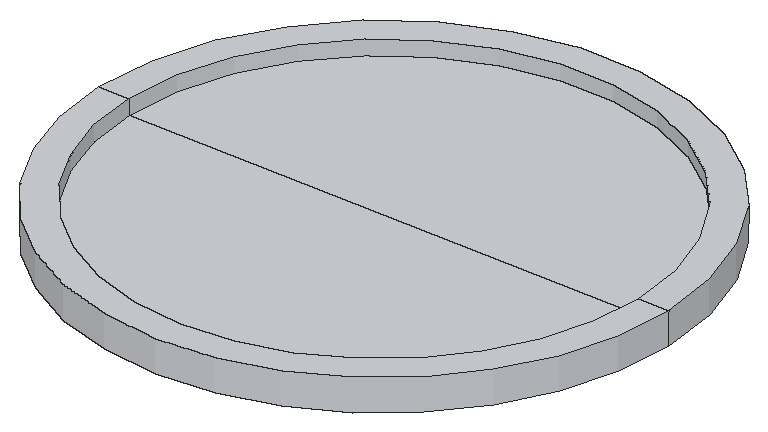
Revit family "Alcon-12182-S-18-Revit-Family", category Lighting Fixtures, host Ceiling, Revit 2021
Family settings
  Host = Ceiling
  Round Connector Dimension = Use Diameter
  Part Type = Normal
  Always vertical = Yes
  Cut with Voids When Loaded = No
  Light Source = Yes
  Shared = No
  Room Calculation Point = No
Parameters
  Wattage = 9.2903 W
  built-in parameter 1150110 = 1 (stored number, unit not read)
  built-in parameter 1114217 = 1 (stored number, unit not read)
  built-in parameter 1150109 = 1 (stored number, unit not read)
  built-in parameter 1150134 = 3
  built-in parameter 1150113 = 1 (stored number, unit not read)
  Product Identity = "Alcon Lighting 12182-S-18"
  Manufacturer = "Alcon Light"
  built-in parameter 1150105 = 439.27 (stored number, unit not read)
  Lumens = 1380 lm
  built-in parameter 1150115 = 1 (stored number, unit not read)
  Link To Product Page = "https://www.alconlighting.com/12182-s-18-disk-round-surface-1.html"
  Light Source Symbol Size = 1' - 6"
  built-in parameter 1150137 = (empty or 0)
  built-in parameter 1150139 = (empty or 0)
  Lens = none
  built-in parameter 1150112 = 1 (stored number, unit not read)
  built-in parameter 1150114 = 1 (stored number, unit not read)
  built-in parameter 1150132 = (empty or 0)
  built-in parameter 1150102 = (empty or 0)
  built-in parameter 1150107 = 3200 (stored number, unit not read)
  built-in parameter 1150138 = (empty or 0)
  built-in parameter 1150106 = 4.3927 (stored number, unit not read)
  Housing = none
  Emit from Circle Diameter = 1' - 6"
  Emit Shape Visible in Rendering = no
  built-in parameter 1150104 = 13.8 (stored number, unit not read)
  Dimming Lamp Color Temperature Shift = (empty or 0)
  Default Elevation = 0' - 0"
  Color Filter = 16777215
  built-in parameter 1114218 = 1 (stored number, unit not read)
  built-in parameter 1150133 = 10 (stored number, unit not read)
Reference planes (in)
  plane 1 "Center (Front/Back)": y = 0
  plane 2 "Ceiling": z = 96
  plane 3 "Center (Left/Right)": x = 0
Forms (in)
  Revolve 1, solid, material <- "Lens"
    sketch origin (0, 0, 0) x (1, 0, 0) y (0, 0, 1)
      loop
        line (0, 95.54687) -> (0, 95.04688) -> (8.04688, 95.04688) -> (8.04688, 95.54687) -> (0, 95.54687)
      axis (0, 95.04688) -> (0, 95.54688)
    angle from 0 to 360
  Revolve 2, solid, material <- "Housing"
    sketch origin (0, 0, 0) x (1, 0, 0) y (0, 0, 1)
      loop
        line (9, 96) -> (8.04688, 96) -> (8.04688, 95) -> (9, 95) -> (9, 96)
      axis (0, 95) -> (0, 96)
    angle from 0 to 360
Dimensions and locks (in)
  equal spacing: host sketch curve, plane 3 "Center (Left/Right)", host sketch curve
  equal spacing: host sketch curve, plane 1 "Center (Front/Back)", host sketch curve
  host sketch curve to host sketch curve = 10' - 0"  (x2)
